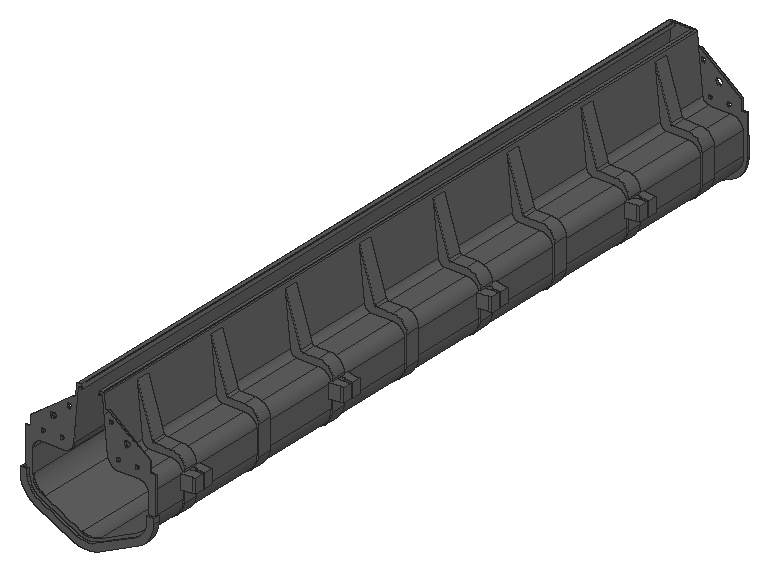
Revit family "Drain_Slotted_Hi-Cap_Zurn-Z888-12", category Plumbing Fixtures, Revit 2022 (continued)
Automatic sketch dimensions
  Extrusion 10 sketch curve to Extrusion 10 sketch curve = 0.27268"  (x2)
  Extrusion 10 sketch curve to Extrusion 10 sketch curve = 1.73653"
  Extrusion 10 sketch curve to level = 5.82725"
  Extrusion 10 sketch curve to Extrusion 10 sketch curve = 0.40278"  (x2)
  Extrusion 10 sketch curve to level = 6.0784"
  plane 7 to Extrusion 10 sketch curve = 0.03879"
  plane 7 to Extrusion 10 sketch curve = 0.62704"
  plane 11 to Extrusion 10 sketch curve = 0.250"
  Extrusion 10 sketch curve to Extrusion 10 sketch curve = 0.74589"
  Extrusion 10 sketch curve to Extrusion 10 sketch curve = 0.23776"
  Extrusion 10 sketch curve to plane 42 = 0.56362"
  Extrusion 10 sketch curve to plane 5 = 2.000"
  Extrusion 10 sketch curve to plane 5 = 1.000"
  Extrusion 10 sketch curve to Extrusion 10 sketch curve = 0.000"
  plane 5 to Extrusion 10 sketch curve = 0.250"
  Extrusion 10 sketch curve to Extrusion 10 sketch curve = 0.250"
  Extrusion 10 sketch curve to Extrusion 10 sketch curve = 0.1094"
  Extrusion 10 sketch curve to Extrusion 10 sketch curve = 0.20929"  (x2)
  Extrusion 11 sketch curve to Extrusion 11 sketch curve = 0.000"
  Extrusion 11 sketch curve to plane 18 = 0.3125"  (x2)
  Extrusion 11 sketch curve to Extrusion 11 sketch curve = 0.43663"  (x8)
  Extrusion 11 sketch curve to plane 30 = 0.3125"  (x2)
  Extrusion 11 sketch curve to plane 24 = 0.3125"  (x2)
  plane 28 to Extrusion 11 sketch curve = 0.125"  (x2)
  Extrusion 11 sketch curve to Extrusion 11 sketch curve = 0.25195"  (x6)
  plane 16 to Extrusion 11 sketch curve = 0.125"  (x2)
  Extrusion 11 sketch curve to plane 28 = 0.125"  (x2)
  Extrusion 11 sketch curve to plane 16 = 0.125"  (x2)
  plane 34 to Extrusion 11 sketch curve = 0.125"
  Extrusion 11 sketch curve to plane 34 = 0.125"
  Extrusion 11 sketch curve to plane 22 = 0.125"  (x2)
  plane 22 to Extrusion 11 sketch curve = 0.125"  (x2)
  plane 5 to Extrusion 11 sketch curve = 0.50317"
  Extrusion 11 sketch curve to plane 18 = 0.500"  (x2)
  Extrusion 11 sketch curve to plane 24 = 0.500"  (x2)
  Extrusion 11 sketch curve to plane 30 = 0.500"  (x2)
  Extrusion 11 sketch curve to plane 36 = 0.500"
  Extrusion 11 sketch curve to plane 36 = 0.3125"
  Sweep 12 sketch curve to plane 42 = 0.000"  (x2)
  plane 4 to Sweep 12 sketch curve = 1.13571"
  Sweep 12 sketch curve to plane 10 = 0.09732"
  plane 9 to Sweep 12 sketch curve = 0.09732"
  Sweep 12 sketch curve to plane 5 = 1.13571"
  Extrusion 13 sketch curve to plane 8 = 0.77395"
  Extrusion 13 sketch curve to plane 8 = 1.54406"
  Extrusion 13 sketch curve to Extrusion 13 sketch curve = 0.94125"  (x2)
  plane 4 to Extrusion 13 sketch curve = 1.17131"
  Extrusion 13 sketch curve to plane 4 = 0.1875"
  plane 7 to Extrusion 13 sketch curve = 0.77395"
  plane 7 to Extrusion 13 sketch curve = 1.54406"
  Extrusion 13 sketch curve to plane 5 = 1.17131"
  plane 11 to Extrusion 13 sketch curve = 1.0828"  (x2)
  plane 11 to Extrusion 13 sketch curve = 1.0923"  (x2)
  Extrusion 13 sketch curve to Extrusion 13 sketch curve = 1.13185"
  Extrusion 13 sketch curve to Extrusion 13 sketch curve = 1.84447"
  Extrusion 13 sketch curve to Extrusion 13 sketch curve = 0.8052"
  Extrusion 13 sketch curve to Extrusion 13 sketch curve = 1.04201"  (x2)
  plane 5 to Extrusion 13 sketch curve = 0.1875"
  plane 14 to Masking region 1 sketch curve = 0.000"
  Masking region 1 sketch curve to Masking region 1 sketch curve = 0.47183"
  Masking region 1 sketch curve to plane 12 = 0.125"
  Masking region 1 sketch curve to Masking region 1 sketch curve = 0.000"
  radius of Extrusion 2 sketch curve = 0.250"  (x6)
  radius of Extrusion 2 sketch curve = 0.350"  (x2)
  radius of Extrusion 13 sketch curve = 0.250"  (x6)
  radius of Extrusion 13 sketch curve = 0.350"  (x2)
Connectors (in)
  piping at (0, 44, -12.5), diameter 4, driven by "Pipe Size 'A' (Nominal Radius)", driven by "Waste Connection", driven by "Waste Connection"
    settings: on cut or joined group of Extrusion 13, Extrusion 14, index 1, connector inside diameter 24", connector length 0.000", flow factor 0, pipe flow 0 GPM, pressure drop 0.00 psi, fitting loss kfactor 0, connector angle 0.00°, fixture units 0, engagement length 0.000", angle of deflection 0.00°, flow configuration 0, flow direction 2, fitting loss method 0, system type 16, joint type 0, gender type 0, connector reference index -1, connector utility 1, adjustable connector yes, is connector primary yes, connector description "Sanitary Outlet"
Types (4): name | Outlet Height | Pipe Size 'A' (Outer Diameter) | Pipe Size 'A' (Nominal Radius) | Nominal Diameter | Pipe Size 'A' (Inner Radius) | Pipe Size 'A' (Outer Radius) | Pipe Size 'A' (Inner Diameter) | Default Elevation | 12 Inch End Outlet
  Z888-12 with 4 Inch No-Hub End Outlet | 12.500" | 4.500" | 2.000" | 4.000" | 2.014" | 2.250" | 4.028" | 20.000" | 12.250"
  Z888-12 with 6 Inch No-Hub End Outlet | 11.500" | 6.625" | 3.000" | 6.000" | 3.0325" | 3.3125" | 6.065" | 10.000" | 12.250"
  Z888-12 with 8 Inch No-Hub End Outlet | 10.750" | 8.625" | 4.000" | 8.000" | 3.9905" | 4.3125" | 7.981" | 10.000" | 12.250"
  Z888-12 with 12 Inch No-Hub End Outlet | 12.750" | 12.750" | 6.000" | 12.000" | 6.000" | 6.375" | 12.000" | 10.000" | 16.500"
